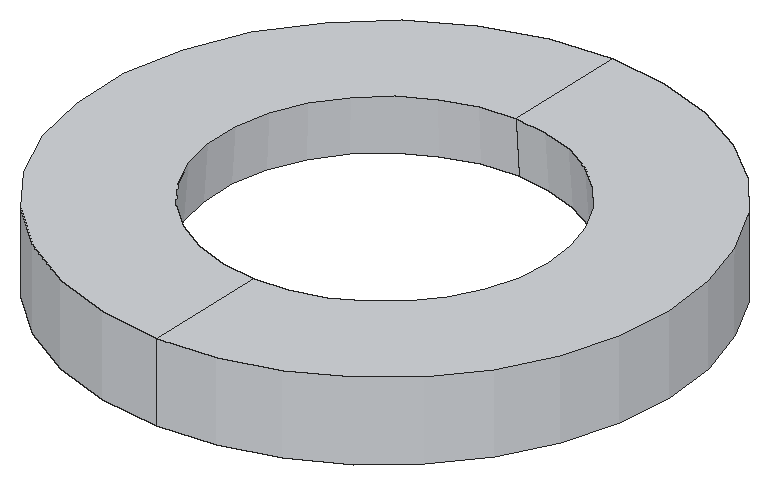
Revit family "110301-00157 Кольцо опорное КО-ЧП", category Обобщенные модели, Revit 2019
Family settings
  Может служить основой для арматурных стержней = Нет
  Размер круглого соединителя = Использовать диаметр
  Тип детали = Нормальный
  На основе рабочей плоскости = Нет
  Всегда вертикально = Да
  При загрузке вырезать с полостями = Нет
  Общий = Нет
  Точка расчета площади = Нет
Parameters (values of type "Кольцо опорное КО-ЧП")
  ADSK_Ширина [instance] = 1020 mm
  ADSK_Ссылка на сайт = "https://www.ssd.ru/koltso-opornoe-ko-chp"
  ADSK_Сертификат соответствия = "iblock/83a/sert_b20_0221.pdf"
  ADSK_Наименование = "Кольцо опорное КО-ЧП"
  ADSK_Масса = "143"
  ADSK_Марка = "Кольца, сегменты"
  ADSK_Код изделия = "110301-00157"
  ADSK_Класс бетона = "В20"
  ADSK_Изготовитель = "АО \"СВЯЗЬСТРОЙДЕТАЛЬ\""
  ADSK_Длина [instance] = 1020 mm
  ADSK_Высота [instance] = 140 mm
Reference planes
  plane 1 "По центру (Вперед/Назад)": y = 0
  plane 2: z = 0
  plane 3 "По центру (Влево/Вправо)": x = 0
  plane 4: x = -510
  plane 5: x = 510
  plane 6: y = 510
  plane 7: y = -510
  plane 8: z = 140
Forms (mm)
  Revolve 1, solid
    sketch origin (0, 0, 0) x (0, 1, 0) y (0, 0, 1)
      loop
        line (510, 140) -> (293, 140) -> (300.052, 45) -> (450.052, 45) -> (460, 0) -> (510, 0) -> (510, 140)
      axis (0, 140) -> (0, 0)
    angle from 0 to 360
Dimensions and locks
  "ADSK_Длина": plane 6 to plane 7
  equal spacing: plane 6, plane 1 "По центру (Вперед/Назад)", plane 7
  "ADSK_Ширина": plane 4 to plane 5
  equal spacing: plane 4, plane 3 "По центру (Влево/Вправо)", plane 5
  "ADSK_Высота": plane 8 to level
  aligned and locked: level to plane 2
Automatic sketch dimensions
  Revolve 1 sketch curve to plane 1 "По центру (Вперед/Назад)" = 0 mm
  Revolve 1 sketch curve to plane 8 = 0 mm
  Revolve 1 sketch curve to level = 0 mm
  Revolve 1 sketch curve to plane 6 = 0 mm
  Revolve 1 sketch curve to Revolve 1 sketch curve = 217 mm
  level to Revolve 1 sketch curve = 45 mm
  Revolve 1 sketch curve to Revolve 1 sketch curve = 7.052 mm
  Revolve 1 sketch curve to plane 6 = 59.948 mm
  Revolve 1 sketch curve to Revolve 1 sketch curve = 9.948 mm
  Revolve 1 sketch curve to level = 85 mm
  plane 8 to Revolve 1 sketch curve = 95 mm
